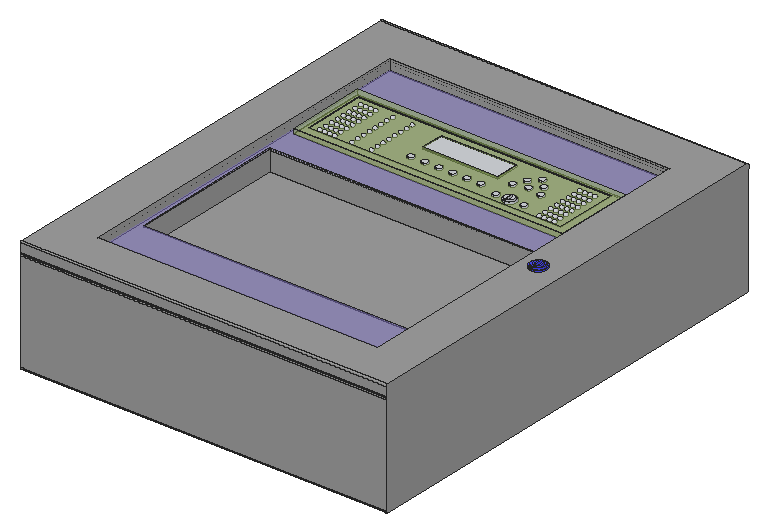
Revit family "Maxlogic ППКП красный корпус", category Fire Alarm Devices, host Face, Revit 2021
Family settings
  Host = Face
  Maintain Annotation Orientation = Yes
  Round Connector Dimension = Use Diameter
  Part Type = Normal
  OmniClass Number = 23.85.30.21
  OmniClass Title = Environmental Detection/Registration
  Cut with Voids When Loaded = No
  Shared = No
  Room Calculation Point = No
Parameters (values of type "Maxlogic Приемно-контрольный прибор, 9 КШ, 1143 Адрес")
  Вес = "~ 34,25 - 35,70 кг (без аккумулятора)"
  Монтажный короб для установки извещателя с поверхностной прокладкой кабеля = ""
  Гарантийный срок = "Года"
  Гарантийный срок запчастей = "2"
  Гарантия срока службы = "2"
  Версия = ""
  URL = "https://www.mavili.com.tr/"
  Монтажный комплект для установки извещателя в подвесной потолок = ""
  Номер позы общественных работ = "833-311"
  Класс защиты = "IP30"
  Код продукта = "ML-1259"
  Номер телефона = "(+)90 216 466 45 05"
  Рабочее напряжение (по умолчанию) = ""
  Диапазон рабочего напряжения = ""
  Рабочая Температура = "(-10°C) - (+55°C)"
  Номинальная глубина = "205 мм"
  Номинальная ширина = "650 мм"
  Номинальная высота = "800 мм"
  Монтажная поверхность = "Настенная"
  Монтажная высота = ""
  Model = "Maxlogic"
  Manufacturer = "Mavili Elektronik Ticaret A.Ş."
  Инструкция по установке = "https://mavilielektronik.com/Revit/ML125XX_enkk.pdf"
  Выход индикации = ""
  Номер факса = "(+)90 216 466 45 10"
  Резервное питание = "220 В Перем. ток"
  Почта = "mavili@mavili.com.tr"
  Отказ = ""
  Настройка адреса устройства = ""
  Description = "Приемно-контрольный прибор, 9 КШ, 1143 Адрес"
  Default Elevation = 0 mm
  Потребление тока = ""
  Валюта = ""
  Cost = 0
  Совместимые базы для монтажа = ""
  Цвет = "Красный"
  Производительность кода = "EN 54\u001f-2 / EN 54-\u001f4"
  Главный Материал = "Красный металлический"
  Вторичный материал = "Органическое стекло / плексиглас"
  Аккумулятор = "4 X (12В Пост. ток 7 Aм/ч. )"
  Адрес №1 = "Şerifali Mahallesi Kutup Sokak No:27/1-2-4 Ümraniye TR-34775 İSTANBUL"
Types (18, lengths in mm): name | Номер позы общественных работ | Код продукта | Model | Резервное питание | Description
  (no name) | "833-311" | "ML-1259" | "Maxlogic" | "220 В Перем. ток" | "Приемно-контрольный прибор, 9 КШ, 1143 Адрес"
  Maxlogic Приемно-контрольный прибор, 0 КШ, Сеть (дублирующий прибор) | "" | "ML-1250.N" | "Maxlogic" | "220 В Перем. ток" | "Приемно-контрольный прибор, 0 КШ, Сеть (дублирующий прибор)"
  Maxlogic Приемно-контрольный прибор, 1 КШ, 127 Адрес | "" | "ML-1251" | "Maxlogic" | "220 Перем. ток" | "Приемно-контрольный прибор, 1 КШ, 127 Адрес"
  Maxlogic Приемно-контрольный прибор, 2 КШ, 254 Адрес | "" | "ML-1252" | "MaxLogic" | "220 В Перем. ток" | "Приемно-контрольный прибор, 2 КШ, 254 Адрес"
  Maxlogic Приемно-контрольный прибор, 3 КШ, 381 Адрес | "" | "ML-1253" | "Maxlogic" | "220 В Перем. ток" | "Приемно-контрольный прибор, 3 КШ, 381 Адрес"
  Maxlogic Приемно-контрольный прибор, 4 КШ, 508 Адрес | "" | "ML-1254" | "Maxlogic" | "220 В Перем. ток" | "Приемно-контрольный прибор, 4 КШ, 508 Адрес"
  Maxlogic Приемно-контрольный прибор, 5 КШ, 635 Адрес | "" | "ML-1255" | "Maxlogic" | "220 В Перем. ток" | "Приемно-контрольный прибор, 5 КШ, 635 Адрес"
  Maxlogic Приемно-контрольный прибор, 6 КШ, 762 Адрес | "" | "ML-1256" | "Maxlogic" | "220 В Перем. ток" | "Приемно-контрольный прибор, 6 КШ, 762 Адрес"
  Maxlogic Приемно-контрольный прибор, 7 КШ, 889 Адрес | "" | "ML-1257" | "Maxlogic" | "220 В Перем. ток" | "Приемно-контрольный прибор, 7 КШ, 889 Адрес"
  Maxlogic Приемно-контрольный прибор, 8 КШ, 1016 Адрес | "" | "ML-1258" | "Maxlogic" | "220В Перем. ток" | "Приемно-контрольный прибор, 8 КШ, 1016 Адрес"
  Maxlogic Приемно-контрольный прибор, 9 КШ, 1143 Адрес | "833-311" | "ML-1259" | "Maxlogic" | "220 В Перем. ток" | "Приемно-контрольный прибор, 9 КШ, 1143 Адрес"
  Maxlogic Приемно-контрольный прибор, 10 КШ, 1270 Адрес | "833-312" | "ML-12510" | "Maxlogic" | "220 В Перем. ток" | "Приемно-контрольный прибор, 10 КШ, 1270 Адрес"
  Maxlogic Приемно-контрольный прибор, 11 КШ, 1397 Адрес | "833-313" | "ML-12511" | "Maxlogic" | "220 В Перем. ток" | "Приемно-контрольный прибор, 11 КШ, 1397 Адрес"
  Maxlogic Приемно-контрольный прибор, 12 КШ, 1524 Адрес | "833-314" | "ML-12512" | "Maxlogic" | "220 В Перем. ток" | "Приемно-контрольный прибор, 12 КШ, 1524 Адрес"
  Maxlogic Приемно-контрольный прибор, 13 КШ, 1651 Адрес | "833-315" | "ML-12513" | "Maxlogic" | "220 В Перем. ток" | "Приемно-контрольный прибор, 13 КШ, 1651 Адрес"
  Maxlogic Приемно-контрольный прибор, 14 КШ, 1778 Адрес | "833-316" | "ML-12514" | "Maxlogic" | "220 В Перем. ток" | "Приемно-контрольный прибор, 14 КШ, 1778 Адрес"
  Maxlogic Приемно-контрольный прибор, 15 КШ, 1905 Адрес | "833-317" | "ML-12515" | "Maxlogic" | "220 В Перем. ток" | "Приемно-контрольный прибор, 15 КШ, 1905 Адрес"
  Maxlogic Приемно-контрольный прибор, 16 КШ, 2032 Адрес | "833-318" | "ML-12516" | "Maxlogic" | "220 В Перем. ток" | "Приемно-контрольный прибор, 16 КШ, 2032 Адрес"
Reference planes
  plane 1 "Center (Front/Back)": y = 0
  plane 2: z = 0
  plane 3 "Center (Left/Right)": x = 0
Forms (mm)
  Extrusion 1, solid, material "MAVİLİ KIRMIZI"
    sketch origin (0, 0, 0) x (0, 1, 0) y (0, 0, 1)
      loop
        arc (400, 0) -> (401.202, 0.498) -> (401.7, 1.7) r 1.7
        line (401.7, 1.7) -> (401.7, 20) -> (401.7, 22) -> (401.7, 169.2) -> (401.7, 171.2) -> (401.7, 181.2)
        arc (401.7, 181.2) -> (401.319, 182.119) -> (400.4, 182.5) r 1.3
        line (400.4, 182.5) -> (375.5, 182.5) -> (375.5, 183.35) -> (400.4, 183.35)
        arc (400.4, 183.35) -> (402.238, 184.112) -> (403, 185.95) r 2.6
        line (403, 185.95) -> (403, 202.45)
        arc (403, 202.45) -> (402.268, 204.218) -> (400.5, 204.95) r 2.5
        line (400.5, 204.95) -> (-400.5, 204.95)
        arc (-400.5, 204.95) -> (-402.268, 204.218) -> (-403, 202.45) r 2.5
        line (-403, 202.45) -> (-403, 185.95)
        arc (-403, 185.95) -> (-402.238, 184.112) -> (-400.4, 183.35) r 2.6
        line (-400.4, 183.35) -> (-388, 183.35) -> (-375.4, 183.35) -> (-375.4, 182.507) -> (-400.401, 182.507)
        arc (-400.401, 182.507) -> (-401.319, 182.127) -> (-401.7, 181.208) r 1.299
        line (-401.7, 181.208) -> (-401.7, 1.7)
        arc (-401.7, 1.7) -> (-401.202, 0.498) -> (-400, 0) r 1.7
        line (-400, 0) -> (400, 0)
    from 0 to 653.309
  Extrusion 2, solid, material "MAVİLİ KOYU GRİ"
    sketch origin (0, 400.5, 204.95) x (0, -1, 0) y (1, 0, 0)
      loop
        circle (408.79, 607.566) r 14.964
    from 0 to 1.467
  Extrusion 3, solid, material "MAVİLİ KOYU GRİ"
    sketch origin (0, 400.5, 204.95) x (0, -1, 0) y (1, 0, 0)
      loop
        circle (408.79, 607.566) r 11.5
    from 0 to 3.526
  Extrusion 4, solid, material "MAVİLİ KOYU GRİ"
    sketch origin (0, 400.5, 204.95) x (0, -1, 0) y (1, 0, 0)
      loop
        circle (408.79, 607.566) r 7.5
    from 0 to 4.805
  Extrusion 5, solid, material "MAVİLİ KOYU GRİ"
    sketch origin (0, 400.5, 204.95) x (0, -1, 0) y (1, 0, 0)
      loop
        line (414.975, 609.11) -> (402.606, 609.11) -> (402.606, 606.022) -> (414.975, 606.022) -> (414.975, 609.11)
    from 0 to 7.467
  Extrusion 6, void
    sketch origin (0, 0, 0) x (1, 0, 0) y (0, 1, 0)
      loop
        line (77.8, 322.429) -> (77.8, -327.571) -> (577.8, -327.571) -> (577.8, 322.429) -> (77.8, 322.429)
    from 185.95 to 212.35
  Extrusion 7, solid, material "MAVİLİ BEYAZ"
    sketch origin (0, 0, 185.95) x (1, 0, 0) y (0, 1, 0)
      loop
        line (87.8, 238.929) -> (87.8, 95.929) -> (567.8, 95.929) -> (567.8, 238.929) -> (87.8, 238.929)
    from 0 to 11.04
  Extrusion 8, void
    sketch origin (0, 0, 196.99) x (0, 1, 0) y (1, 0, 0)
      loop
        line (223.929, 102.8) -> (223.929, 552.8) -> (110.929, 552.8) -> (110.929, 102.8) -> (223.929, 102.8)
    from 0 to 2.067
  Revolve 9, solid
    sketch origin (0, 0, 194.923) x (0, 1, 0) y (-1, 0, 0)
      loop
        line (211.929, -117.7) -> (205.929, -117.7)
        arc (205.929, -117.7) -> (208.929, -120.7) -> (211.929, -117.7) r 3
      axis (211.929, -117.7) -> (205.929, -117.7)
    angle from 0 to -180
  Revolve 10, solid
    sketch origin (9, 0, 194.923) x (0, 1, 0) y (-1, 0, 0)
      loop
        line (211.929, -117.7) -> (205.929, -117.7)
        arc (205.929, -117.7) -> (208.929, -120.7) -> (211.929, -117.7) r 3
      axis (211.929, -117.7) -> (205.929, -117.7)
    angle from 0 to -180
  Revolve 11, solid
    sketch origin (18, 0, 194.923) x (0, 1, 0) y (-1, 0, 0)
      loop
        line (211.929, -117.7) -> (205.929, -117.7)
        arc (205.929, -117.7) -> (208.929, -120.7) -> (211.929, -117.7) r 3
      axis (211.929, -117.7) -> (205.929, -117.7)
    angle from 0 to -180
  Revolve 12, solid
    sketch origin (27, 0, 194.923) x (0, 1, 0) y (-1, 0, 0)
      loop
        line (211.929, -117.7) -> (205.929, -117.7)
        arc (205.929, -117.7) -> (208.929, -120.7) -> (211.929, -117.7) r 3
      axis (211.929, -117.7) -> (205.929, -117.7)
    angle from 0 to -180
  Revolve 13, solid
    sketch origin (0, -13, 194.923) x (0, 1, 0) y (-1, 0, 0)
      loop
        line (211.929, -117.7) -> (205.929, -117.7)
        arc (205.929, -117.7) -> (208.929, -120.7) -> (211.929, -117.7) r 3
      axis (211.929, -117.7) -> (205.929, -117.7)
    angle from 0 to -180
  Revolve 14, solid
    sketch origin (9, -13, 194.923) x (0, 1, 0) y (-1, 0, 0)
      loop
        line (211.929, -117.7) -> (205.929, -117.7)
        arc (205.929, -117.7) -> (208.929, -120.7) -> (211.929, -117.7) r 3
      axis (211.929, -117.7) -> (205.929, -117.7)
    angle from 0 to -180
  Revolve 15, solid
    sketch origin (18, -13, 194.923) x (0, 1, 0) y (-1, 0, 0)
      loop
        line (211.929, -117.7) -> (205.929, -117.7)
        arc (205.929, -117.7) -> (208.929, -120.7) -> (211.929, -117.7) r 3
      axis (211.929, -117.7) -> (205.929, -117.7)
    angle from 0 to -180
  Revolve 16, solid
    sketch origin (27, -13, 194.923) x (0, 1, 0) y (-1, 0, 0)
      loop
        line (211.929, -117.7) -> (205.929, -117.7)
        arc (205.929, -117.7) -> (208.929, -120.7) -> (211.929, -117.7) r 3
      axis (211.929, -117.7) -> (205.929, -117.7)
    angle from 0 to -180
  Revolve 17, solid
    sketch origin (0, -26, 194.923) x (0, 1, 0) y (-1, 0, 0)
      loop
        line (211.929, -117.7) -> (205.929, -117.7)
        arc (205.929, -117.7) -> (208.929, -120.7) -> (211.929, -117.7) r 3
      axis (211.929, -117.7) -> (205.929, -117.7)
    angle from 0 to -180
  Revolve 18, solid
    sketch origin (9, -26, 194.923) x (0, 1, 0) y (-1, 0, 0)
      loop
        line (211.929, -117.7) -> (205.929, -117.7)
        arc (205.929, -117.7) -> (208.929, -120.7) -> (211.929, -117.7) r 3
      axis (211.929, -117.7) -> (205.929, -117.7)
    angle from 0 to -180
  Revolve 19, solid
    sketch origin (18, -26, 194.923) x (0, 1, 0) y (-1, 0, 0)
      loop
        line (211.929, -117.7) -> (205.929, -117.7)
        arc (205.929, -117.7) -> (208.929, -120.7) -> (211.929, -117.7) r 3
      axis (211.929, -117.7) -> (205.929, -117.7)
    angle from 0 to -180
  Revolve 20, solid
    sketch origin (27, -26, 194.923) x (0, 1, 0) y (-1, 0, 0)
      loop
        line (211.929, -117.7) -> (205.929, -117.7)
        arc (205.929, -117.7) -> (208.929, -120.7) -> (211.929, -117.7) r 3
      axis (211.929, -117.7) -> (205.929, -117.7)
    angle from 0 to -180
  Revolve 21, solid
    sketch origin (0, -39, 194.923) x (0, 1, 0) y (-1, 0, 0)
      loop
        line (211.929, -117.7) -> (205.929, -117.7)
        arc (205.929, -117.7) -> (208.929, -120.7) -> (211.929, -117.7) r 3
      axis (211.929, -117.7) -> (205.929, -117.7)
    angle from 0 to -180
  Revolve 22, solid
    sketch origin (9, -39, 194.923) x (0, 1, 0) y (-1, 0, 0)
      loop
        line (211.929, -117.7) -> (205.929, -117.7)
        arc (205.929, -117.7) -> (208.929, -120.7) -> (211.929, -117.7) r 3
      axis (211.929, -117.7) -> (205.929, -117.7)
    angle from 0 to -180
  Revolve 23, solid
    sketch origin (18, -39, 194.923) x (0, 1, 0) y (-1, 0, 0)
      loop
        line (211.929, -117.7) -> (205.929, -117.7)
        arc (205.929, -117.7) -> (208.929, -120.7) -> (211.929, -117.7) r 3
      axis (211.929, -117.7) -> (205.929, -117.7)
    angle from 0 to -180
  Revolve 24, solid
    sketch origin (27, -39, 194.923) x (0, 1, 0) y (-1, 0, 0)
      loop
        line (211.929, -117.7) -> (205.929, -117.7)
        arc (205.929, -117.7) -> (208.929, -120.7) -> (211.929, -117.7) r 3
      axis (211.929, -117.7) -> (205.929, -117.7)
    angle from 0 to -180
  Revolve 25, solid
    sketch origin (0, -52, 194.923) x (0, 1, 0) y (-1, 0, 0)
      loop
        line (211.929, -117.7) -> (205.929, -117.7)
        arc (205.929, -117.7) -> (208.929, -120.7) -> (211.929, -117.7) r 3
      axis (211.929, -117.7) -> (205.929, -117.7)
    angle from 0 to -180
  Revolve 26, solid
    sketch origin (9, -52, 194.923) x (0, 1, 0) y (-1, 0, 0)
      loop
        line (211.929, -117.7) -> (205.929, -117.7)
        arc (205.929, -117.7) -> (208.929, -120.7) -> (211.929, -117.7) r 3
      axis (211.929, -117.7) -> (205.929, -117.7)
    angle from 0 to -180
  Revolve 27, solid
    sketch origin (18, -52, 194.923) x (0, 1, 0) y (-1, 0, 0)
      loop
        line (211.929, -117.7) -> (205.929, -117.7)
        arc (205.929, -117.7) -> (208.929, -120.7) -> (211.929, -117.7) r 3
      axis (211.929, -117.7) -> (205.929, -117.7)
    angle from 0 to -180
  Revolve 28, solid
    sketch origin (27, -52, 194.923) x (0, 1, 0) y (-1, 0, 0)
      loop
        line (211.929, -117.7) -> (205.929, -117.7)
        arc (205.929, -117.7) -> (208.929, -120.7) -> (211.929, -117.7) r 3
      axis (211.929, -117.7) -> (205.929, -117.7)
    angle from 0 to -180
  Revolve 29, solid
    sketch origin (0, -65, 194.923) x (0, 1, 0) y (-1, 0, 0)
      loop
        line (211.929, -117.7) -> (205.929, -117.7)
        arc (205.929, -117.7) -> (208.929, -120.7) -> (211.929, -117.7) r 3
      axis (211.929, -117.7) -> (205.929, -117.7)
    angle from 0 to -180
  Revolve 30, solid
    sketch origin (9, -65, 194.923) x (0, 1, 0) y (-1, 0, 0)
      loop
        line (211.929, -117.7) -> (205.929, -117.7)
        arc (205.929, -117.7) -> (208.929, -120.7) -> (211.929, -117.7) r 3
      axis (211.929, -117.7) -> (205.929, -117.7)
    angle from 0 to -180
  Revolve 31, solid
    sketch origin (18, -65, 194.923) x (0, 1, 0) y (-1, 0, 0)
      loop
        line (211.929, -117.7) -> (205.929, -117.7)
        arc (205.929, -117.7) -> (208.929, -120.7) -> (211.929, -117.7) r 3
      axis (211.929, -117.7) -> (205.929, -117.7)
    angle from 0 to -180
  Revolve 32, solid
    sketch origin (27, -65, 194.923) x (0, 1, 0) y (-1, 0, 0)
      loop
        line (211.929, -117.7) -> (205.929, -117.7)
        arc (205.929, -117.7) -> (208.929, -120.7) -> (211.929, -117.7) r 3
      axis (211.929, -117.7) -> (205.929, -117.7)
    angle from 0 to -180
  Revolve 33, solid
    sketch origin (0, -78, 194.923) x (0, 1, 0) y (-1, 0, 0)
      loop
        line (211.929, -117.7) -> (205.929, -117.7)
        arc (205.929, -117.7) -> (208.929, -120.7) -> (211.929, -117.7) r 3
      axis (211.929, -117.7) -> (205.929, -117.7)
    angle from 0 to -180
  Revolve 34, solid
    sketch origin (9, -78, 194.923) x (0, 1, 0) y (-1, 0, 0)
      loop
        line (211.929, -117.7) -> (205.929, -117.7)
        arc (205.929, -117.7) -> (208.929, -120.7) -> (211.929, -117.7) r 3
      axis (211.929, -117.7) -> (205.929, -117.7)
    angle from 0 to -180
  Revolve 35, solid
    sketch origin (18, -78, 194.923) x (0, 1, 0) y (-1, 0, 0)
      loop
        line (211.929, -117.7) -> (205.929, -117.7)
        arc (205.929, -117.7) -> (208.929, -120.7) -> (211.929, -117.7) r 3
      axis (211.929, -117.7) -> (205.929, -117.7)
    angle from 0 to -180
  Revolve 36, solid
    sketch origin (27, -78, 194.923) x (0, 1, 0) y (-1, 0, 0)
      loop
        line (211.929, -117.7) -> (205.929, -117.7)
        arc (205.929, -117.7) -> (208.929, -120.7) -> (211.929, -117.7) r 3
      axis (211.929, -117.7) -> (205.929, -117.7)
    angle from 0 to -180
  Revolve 37, solid
    sketch origin (0, -91, 194.923) x (0, 1, 0) y (-1, 0, 0)
      loop
        line (211.929, -117.7) -> (205.929, -117.7)
        arc (205.929, -117.7) -> (208.929, -120.7) -> (211.929, -117.7) r 3
      axis (211.929, -117.7) -> (205.929, -117.7)
    angle from 0 to -180
  Revolve 38, solid
    sketch origin (9, -91, 194.923) x (0, 1, 0) y (-1, 0, 0)
      loop
        line (211.929, -117.7) -> (205.929, -117.7)
        arc (205.929, -117.7) -> (208.929, -120.7) -> (211.929, -117.7) r 3
      axis (211.929, -117.7) -> (205.929, -117.7)
    angle from 0 to -180
  Revolve 39, solid
    sketch origin (18, -91, 194.923) x (0, 1, 0) y (-1, 0, 0)
      loop
        line (211.929, -117.7) -> (205.929, -117.7)
        arc (205.929, -117.7) -> (208.929, -120.7) -> (211.929, -117.7) r 3
      axis (211.929, -117.7) -> (205.929, -117.7)
    angle from 0 to -180
  Revolve 40, solid
    sketch origin (27, -91, 194.923) x (0, 1, 0) y (-1, 0, 0)
      loop
        line (211.929, -117.7) -> (205.929, -117.7)
        arc (205.929, -117.7) -> (208.929, -120.7) -> (211.929, -117.7) r 3
      axis (211.929, -117.7) -> (205.929, -117.7)
    angle from 0 to -180
  Revolve 41, solid
    sketch origin (57, 0, 194.923) x (0, 1, 0) y (-1, 0, 0)
      loop
        line (211.929, -117.7) -> (205.929, -117.7)
        arc (205.929, -117.7) -> (208.929, -120.7) -> (211.929, -117.7) r 3
      axis (211.929, -117.7) -> (205.929, -117.7)
    angle from 0 to -180
  Revolve 42, solid
    sketch origin (57, -13, 194.923) x (0, 1, 0) y (-1, 0, 0)
      loop
        line (211.929, -117.7) -> (205.929, -117.7)
        arc (205.929, -117.7) -> (208.929, -120.7) -> (211.929, -117.7) r 3
      axis (211.929, -117.7) -> (205.929, -117.7)
    angle from 0 to -180
  Revolve 43, solid
    sketch origin (57, -26, 194.923) x (0, 1, 0) y (-1, 0, 0)
      loop
        line (211.929, -117.7) -> (205.929, -117.7)
        arc (205.929, -117.7) -> (208.929, -120.7) -> (211.929, -117.7) r 3
      axis (211.929, -117.7) -> (205.929, -117.7)
    angle from 0 to -180
  Revolve 44, solid
    sketch origin (57, -39, 194.923) x (0, 1, 0) y (-1, 0, 0)
      loop
        line (211.929, -117.7) -> (205.929, -117.7)
        arc (205.929, -117.7) -> (208.929, -120.7) -> (211.929, -117.7) r 3
      axis (211.929, -117.7) -> (205.929, -117.7)
    angle from 0 to -180
  Revolve 45, solid
    sketch origin (57, -52, 194.923) x (0, 1, 0) y (-1, 0, 0)
      loop
        line (211.929, -117.7) -> (205.929, -117.7)
        arc (205.929, -117.7) -> (208.929, -120.7) -> (211.929, -117.7) r 3
      axis (211.929, -117.7) -> (205.929, -117.7)
    angle from 0 to -180
  Revolve 46, solid
    sketch origin (57, -65, 194.923) x (0, 1, 0) y (-1, 0, 0)
      loop
        line (211.929, -117.7) -> (205.929, -117.7)
        arc (205.929, -117.7) -> (208.929, -120.7) -> (211.929, -117.7) r 3
      axis (211.929, -117.7) -> (205.929, -117.7)
    angle from 0 to -180
  Revolve 47, solid
    sketch origin (57, -78, 194.923) x (0, 1, 0) y (-1, 0, 0)
      loop
        line (211.929, -117.7) -> (205.929, -117.7)
        arc (205.929, -117.7) -> (208.929, -120.7) -> (211.929, -117.7) r 3
      axis (211.929, -117.7) -> (205.929, -117.7)
    angle from 0 to -180
  Revolve 48, solid
    sketch origin (57, -91, 194.923) x (0, 1, 0) y (-1, 0, 0)
      loop
        line (211.929, -117.7) -> (205.929, -117.7)
        arc (205.929, -117.7) -> (208.929, -120.7) -> (211.929, -117.7) r 3
      axis (211.929, -117.7) -> (205.929, -117.7)
    angle from 0 to -180
  Revolve 49, solid
    sketch origin (92, 0, 194.923) x (0, 1, 0) y (-1, 0, 0)
      loop
        line (211.929, -117.7) -> (205.929, -117.7)
        arc (205.929, -117.7) -> (208.929, -120.7) -> (211.929, -117.7) r 3
      axis (211.929, -117.7) -> (205.929, -117.7)
    angle from 0 to -180
  Revolve 50, solid
    sketch origin (92, -13, 194.923) x (0, 1, 0) y (-1, 0, 0)
      loop
        line (211.929, -117.7) -> (205.929, -117.7)
        arc (205.929, -117.7) -> (208.929, -120.7) -> (211.929, -117.7) r 3
      axis (211.929, -117.7) -> (205.929, -117.7)
    angle from 0 to -180
  Revolve 51, solid
    sketch origin (92, -26, 194.923) x (0, 1, 0) y (-1, 0, 0)
      loop
        line (211.929, -117.7) -> (205.929, -117.7)
        arc (205.929, -117.7) -> (208.929, -120.7) -> (211.929, -117.7) r 3
      axis (211.929, -117.7) -> (205.929, -117.7)
    angle from 0 to -180
  Revolve 52, solid
    sketch origin (92, -39, 194.923) x (0, 1, 0) y (-1, 0, 0)
      loop
        line (211.929, -117.7) -> (205.929, -117.7)
        arc (205.929, -117.7) -> (208.929, -120.7) -> (211.929, -117.7) r 3
      axis (211.929, -117.7) -> (205.929, -117.7)
    angle from 0 to -180
  Revolve 53, solid
    sketch origin (92, -52, 194.923) x (0, 1, 0) y (-1, 0, 0)
      loop
        line (211.929, -117.7) -> (205.929, -117.7)
        arc (205.929, -117.7) -> (208.929, -120.7) -> (211.929, -117.7) r 3
      axis (211.929, -117.7) -> (205.929, -117.7)
    angle from 0 to -180
  Revolve 54, solid
    sketch origin (92, -65, 194.923) x (0, 1, 0) y (-1, 0, 0)
      loop
        line (211.929, -117.7) -> (205.929, -117.7)
        arc (205.929, -117.7) -> (208.929, -120.7) -> (211.929, -117.7) r 3
      axis (211.929, -117.7) -> (205.929, -117.7)
    angle from 0 to -180
  Revolve 55, solid
    sketch origin (92, -78, 194.923) x (0, 1, 0) y (-1, 0, 0)
      loop
        line (211.929, -117.7) -> (205.929, -117.7)
        arc (205.929, -117.7) -> (208.929, -120.7) -> (211.929, -117.7) r 3
      axis (211.929, -117.7) -> (205.929, -117.7)
    angle from 0 to -180
  Revolve 56, solid
    sketch origin (92, -91, 194.923) x (0, 1, 0) y (-1, 0, 0)
      loop
        line (211.929, -117.7) -> (205.929, -117.7)
        arc (205.929, -117.7) -> (208.929, -120.7) -> (211.929, -117.7) r 3
      axis (211.929, -117.7) -> (205.929, -117.7)
    angle from 0 to -180
  Extrusion 57, solid
    sketch origin (0, 0, 194.923) x (0, 1, 0) y (-1, 0, 0)
      loop
        circle (137.429, -264.2) r 5.5
    from 0 to 1.44
  Extrusion 58, solid
    sketch origin (25, 0, 194.923) x (0, 1, 0) y (-1, 0, 0)
      loop
        circle (137.429, -264.2) r 5.5
    from 0 to 1.44
  Extrusion 59, solid
    sketch origin (50, 0, 194.923) x (0, 1, 0) y (-1, 0, 0)
      loop
        circle (137.429, -264.2) r 5.5
    from 0 to 1.44
  Extrusion 60, solid
    sketch origin (75, 0, 194.923) x (0, 1, 0) y (-1, 0, 0)
      loop
        circle (137.429, -264.2) r 5.5
    from 0 to 1.44
  Extrusion 61, solid
    sketch origin (100, 0, 194.923) x (0, 1, 0) y (-1, 0, 0)
      loop
        circle (137.429, -264.2) r 5.5
    from 0 to 1.44
  Extrusion 62, solid
    sketch origin (125, 0, 194.923) x (0, 1, 0) y (-1, 0, 0)
      loop
        circle (137.429, -264.2) r 5.5
    from 0 to 1.44
  Extrusion 63, solid
    sketch origin (159.838, -9.99, 194.923) x (0, 1, 0) y (-1, 0, 0)
      loop
        circle (137.429, -264.2) r 5.5
    from 0 to 1.44
  Extrusion 64, solid
    sketch origin (209.838, -9.99, 194.923) x (0, 1, 0) y (-1, 0, 0)
      loop
        circle (137.429, -264.2) r 5.5
    from 0 to 1.44
  Extrusion 65, solid
    sketch origin (209.838, 27.51, 194.923) x (0, 1, 0) y (-1, 0, 0)
      loop
        circle (137.429, -264.2) r 5.5
    from 0 to 1.44
  Extrusion 66, solid
    sketch origin (184.09, 32.515, 194.923) x (0, 1, 0) y (-1, 0, 0)
      loop
        circle (137.429, -264.2) r 5.5
    from 0 to 1.44
  Extrusion 67, solid
    sketch origin (159.636, 27.318, 194.923) x (0, 1, 0) y (-1, 0, 0)
      loop
        circle (137.429, -264.2) r 5.5
    from 0 to 1.44
  Extrusion 68, solid
    sketch origin (169.48, 47.5, 194.923) x (0, 1, 0) y (-1, 0, 0)
      loop
        circle (137.429, -264.2) r 5.5
    from 0 to 1.44
  Extrusion 69, solid
    sketch origin (199.52, 47.5, 194.923) x (0, 1, 0) y (-1, 0, 0)
      loop
        circle (137.429, -264.2) r 5.5
    from 0 to 1.44
  Extrusion 70, solid
    sketch origin (184.52, 62.5, 194.923) x (0, 1, 0) y (-1, 0, 0)
      loop
        circle (137.429, -264.2) r 5.5
    from 0 to 1.44
  Revolve 71, solid
    sketch origin (391, 0, 194.923) x (0, 1, 0) y (-1, 0, 0)
      loop
        line (211.929, -117.7) -> (205.929, -117.7)
        arc (205.929, -117.7) -> (208.929, -120.7) -> (211.929, -117.7) r 3
      axis (211.929, -117.7) -> (205.929, -117.7)
    angle from 0 to -180
  Revolve 72, solid
    sketch origin (400, 0, 194.923) x (0, 1, 0) y (-1, 0, 0)
      loop
        line (211.929, -117.7) -> (205.929, -117.7)
        arc (205.929, -117.7) -> (208.929, -120.7) -> (211.929, -117.7) r 3
      axis (211.929, -117.7) -> (205.929, -117.7)
    angle from 0 to -180
  Revolve 73, solid
    sketch origin (409, 0, 194.923) x (0, 1, 0) y (-1, 0, 0)
      loop
        line (211.929, -117.7) -> (205.929, -117.7)
        arc (205.929, -117.7) -> (208.929, -120.7) -> (211.929, -117.7) r 3
      axis (211.929, -117.7) -> (205.929, -117.7)
    angle from 0 to -180
  Revolve 74, solid
    sketch origin (418, 0, 194.923) x (0, 1, 0) y (-1, 0, 0)
      loop
        line (211.929, -117.7) -> (205.929, -117.7)
        arc (205.929, -117.7) -> (208.929, -120.7) -> (211.929, -117.7) r 3
      axis (211.929, -117.7) -> (205.929, -117.7)
    angle from 0 to -180
  Revolve 75, solid
    sketch origin (391, -13, 194.923) x (0, 1, 0) y (-1, 0, 0)
      loop
        line (211.929, -117.7) -> (205.929, -117.7)
        arc (205.929, -117.7) -> (208.929, -120.7) -> (211.929, -117.7) r 3
      axis (211.929, -117.7) -> (205.929, -117.7)
    angle from 0 to -180
  Revolve 76, solid
    sketch origin (400, -13, 194.923) x (0, 1, 0) y (-1, 0, 0)
      loop
        line (211.929, -117.7) -> (205.929, -117.7)
        arc (205.929, -117.7) -> (208.929, -120.7) -> (211.929, -117.7) r 3
      axis (211.929, -117.7) -> (205.929, -117.7)
    angle from 0 to -180
  Revolve 77, solid
    sketch origin (409, -13, 194.923) x (0, 1, 0) y (-1, 0, 0)
      loop
        line (211.929, -117.7) -> (205.929, -117.7)
        arc (205.929, -117.7) -> (208.929, -120.7) -> (211.929, -117.7) r 3
      axis (211.929, -117.7) -> (205.929, -117.7)
    angle from 0 to -180
  Revolve 78, solid
    sketch origin (418, -13, 194.923) x (0, 1, 0) y (-1, 0, 0)
      loop
        line (211.929, -117.7) -> (205.929, -117.7)
        arc (205.929, -117.7) -> (208.929, -120.7) -> (211.929, -117.7) r 3
      axis (211.929, -117.7) -> (205.929, -117.7)
    angle from 0 to -180
  Revolve 79, solid
    sketch origin (391, -26, 194.923) x (0, 1, 0) y (-1, 0, 0)
      loop
        line (211.929, -117.7) -> (205.929, -117.7)
        arc (205.929, -117.7) -> (208.929, -120.7) -> (211.929, -117.7) r 3
      axis (211.929, -117.7) -> (205.929, -117.7)
    angle from 0 to -180
  Revolve 80, solid
    sketch origin (400, -26, 194.923) x (0, 1, 0) y (-1, 0, 0)
      loop
        line (211.929, -117.7) -> (205.929, -117.7)
        arc (205.929, -117.7) -> (208.929, -120.7) -> (211.929, -117.7) r 3
      axis (211.929, -117.7) -> (205.929, -117.7)
    angle from 0 to -180
  Revolve 81, solid
    sketch origin (409, -26, 194.923) x (0, 1, 0) y (-1, 0, 0)
      loop
        line (211.929, -117.7) -> (205.929, -117.7)
        arc (205.929, -117.7) -> (208.929, -120.7) -> (211.929, -117.7) r 3
      axis (211.929, -117.7) -> (205.929, -117.7)
    angle from 0 to -180
  Revolve 82, solid
    sketch origin (418, -26, 194.923) x (0, 1, 0) y (-1, 0, 0)
      loop
        line (211.929, -117.7) -> (205.929, -117.7)
        arc (205.929, -117.7) -> (208.929, -120.7) -> (211.929, -117.7) r 3
      axis (211.929, -117.7) -> (205.929, -117.7)
    angle from 0 to -180
  Revolve 83, solid
    sketch origin (391, -39, 194.923) x (0, 1, 0) y (-1, 0, 0)
      loop
        line (211.929, -117.7) -> (205.929, -117.7)
        arc (205.929, -117.7) -> (208.929, -120.7) -> (211.929, -117.7) r 3
      axis (211.929, -117.7) -> (205.929, -117.7)
    angle from 0 to -180
  Revolve 84, solid
    sketch origin (400, -39, 194.923) x (0, 1, 0) y (-1, 0, 0)
      loop
        line (211.929, -117.7) -> (205.929, -117.7)
        arc (205.929, -117.7) -> (208.929, -120.7) -> (211.929, -117.7) r 3
      axis (211.929, -117.7) -> (205.929, -117.7)
    angle from 0 to -180
  Revolve 85, solid
    sketch origin (409, -39, 194.923) x (0, 1, 0) y (-1, 0, 0)
      loop
        line (211.929, -117.7) -> (205.929, -117.7)
        arc (205.929, -117.7) -> (208.929, -120.7) -> (211.929, -117.7) r 3
      axis (211.929, -117.7) -> (205.929, -117.7)
    angle from 0 to -180
  Revolve 86, solid
    sketch origin (418, -39, 194.923) x (0, 1, 0) y (-1, 0, 0)
      loop
        line (211.929, -117.7) -> (205.929, -117.7)
        arc (205.929, -117.7) -> (208.929, -120.7) -> (211.929, -117.7) r 3
      axis (211.929, -117.7) -> (205.929, -117.7)
    angle from 0 to -180
  Revolve 87, solid
    sketch origin (391, -52, 194.923) x (0, 1, 0) y (-1, 0, 0)
      loop
        line (211.929, -117.7) -> (205.929, -117.7)
        arc (205.929, -117.7) -> (208.929, -120.7) -> (211.929, -117.7) r 3
      axis (211.929, -117.7) -> (205.929, -117.7)
    angle from 0 to -180
  Revolve 88, solid
    sketch origin (400, -52, 194.923) x (0, 1, 0) y (-1, 0, 0)
      loop
        line (211.929, -117.7) -> (205.929, -117.7)
        arc (205.929, -117.7) -> (208.929, -120.7) -> (211.929, -117.7) r 3
      axis (211.929, -117.7) -> (205.929, -117.7)
    angle from 0 to -180
  Revolve 89, solid
    sketch origin (409, -52, 194.923) x (0, 1, 0) y (-1, 0, 0)
      loop
        line (211.929, -117.7) -> (205.929, -117.7)
        arc (205.929, -117.7) -> (208.929, -120.7) -> (211.929, -117.7) r 3
      axis (211.929, -117.7) -> (205.929, -117.7)
    angle from 0 to -180
  Revolve 90, solid
    sketch origin (418, -52, 194.923) x (0, 1, 0) y (-1, 0, 0)
      loop
        line (211.929, -117.7) -> (205.929, -117.7)
        arc (205.929, -117.7) -> (208.929, -120.7) -> (211.929, -117.7) r 3
      axis (211.929, -117.7) -> (205.929, -117.7)
    angle from 0 to -180
  Revolve 91, solid
    sketch origin (391, -65, 194.923) x (0, 1, 0) y (-1, 0, 0)
      loop
        line (211.929, -117.7) -> (205.929, -117.7)
        arc (205.929, -117.7) -> (208.929, -120.7) -> (211.929, -117.7) r 3
      axis (211.929, -117.7) -> (205.929, -117.7)
    angle from 0 to -180
  Revolve 92, solid
    sketch origin (400, -65, 194.923) x (0, 1, 0) y (-1, 0, 0)
      loop
        line (211.929, -117.7) -> (205.929, -117.7)
        arc (205.929, -117.7) -> (208.929, -120.7) -> (211.929, -117.7) r 3
      axis (211.929, -117.7) -> (205.929, -117.7)
    angle from 0 to -180
  Revolve 93, solid
    sketch origin (409, -65, 194.923) x (0, 1, 0) y (-1, 0, 0)
      loop
        line (211.929, -117.7) -> (205.929, -117.7)
        arc (205.929, -117.7) -> (208.929, -120.7) -> (211.929, -117.7) r 3
      axis (211.929, -117.7) -> (205.929, -117.7)
    angle from 0 to -180
  Revolve 94, solid
    sketch origin (418, -65, 194.923) x (0, 1, 0) y (-1, 0, 0)
      loop
        line (211.929, -117.7) -> (205.929, -117.7)
        arc (205.929, -117.7) -> (208.929, -120.7) -> (211.929, -117.7) r 3
      axis (211.929, -117.7) -> (205.929, -117.7)
    angle from 0 to -180
  Revolve 95, solid
    sketch origin (391, -78, 194.923) x (0, 1, 0) y (-1, 0, 0)
      loop
        line (211.929, -117.7) -> (205.929, -117.7)
        arc (205.929, -117.7) -> (208.929, -120.7) -> (211.929, -117.7) r 3
      axis (211.929, -117.7) -> (205.929, -117.7)
    angle from 0 to -180
  Revolve 96, solid
    sketch origin (400, -78, 194.923) x (0, 1, 0) y (-1, 0, 0)
      loop
        line (211.929, -117.7) -> (205.929, -117.7)
        arc (205.929, -117.7) -> (208.929, -120.7) -> (211.929, -117.7) r 3
      axis (211.929, -117.7) -> (205.929, -117.7)
    angle from 0 to -180
  Revolve 97, solid
    sketch origin (409, -78, 194.923) x (0, 1, 0) y (-1, 0, 0)
      loop
        line (211.929, -117.7) -> (205.929, -117.7)
        arc (205.929, -117.7) -> (208.929, -120.7) -> (211.929, -117.7) r 3
      axis (211.929, -117.7) -> (205.929, -117.7)
    angle from 0 to -180
  Revolve 98, solid
    sketch origin (418, -78, 194.923) x (0, 1, 0) y (-1, 0, 0)
      loop
        line (211.929, -117.7) -> (205.929, -117.7)
        arc (205.929, -117.7) -> (208.929, -120.7) -> (211.929, -117.7) r 3
      axis (211.929, -117.7) -> (205.929, -117.7)
    angle from 0 to -180
  Revolve 99, solid
    sketch origin (391, -91, 194.923) x (0, 1, 0) y (-1, 0, 0)
      loop
        line (211.929, -117.7) -> (205.929, -117.7)
        arc (205.929, -117.7) -> (208.929, -120.7) -> (211.929, -117.7) r 3
      axis (211.929, -117.7) -> (205.929, -117.7)
    angle from 0 to -180
  Revolve 100, solid
    sketch origin (400, -91, 194.923) x (0, 1, 0) y (-1, 0, 0)
      loop
        line (211.929, -117.7) -> (205.929, -117.7)
        arc (205.929, -117.7) -> (208.929, -120.7) -> (211.929, -117.7) r 3
      axis (211.929, -117.7) -> (205.929, -117.7)
    angle from 0 to -180
  Revolve 101, solid
    sketch origin (409, -91, 194.923) x (0, 1, 0) y (-1, 0, 0)
      loop
        line (211.929, -117.7) -> (205.929, -117.7)
        arc (205.929, -117.7) -> (208.929, -120.7) -> (211.929, -117.7) r 3
      axis (211.929, -117.7) -> (205.929, -117.7)
    angle from 0 to -180
  Revolve 102, solid
    sketch origin (418, -91, 194.923) x (0, 1, 0) y (-1, 0, 0)
      loop
        line (211.929, -117.7) -> (205.929, -117.7)
        arc (205.929, -117.7) -> (208.929, -120.7) -> (211.929, -117.7) r 3
      axis (211.929, -117.7) -> (205.929, -117.7)
    angle from 0 to -180
  Extrusion 103, solid
    sketch origin (0, 0, 194.923) x (0, 1, 0) y (-1, 0, 0)
      loop
        circle (127.429, -448.7) r 11
    from 0 to 3
  Extrusion 104, solid
    sketch origin (0, 0, 194.923) x (0, 1, 0) y (-1, 0, 0)
      loop
        circle (127.429, -448.7) r 8.113
    from 0 to 5
  Extrusion 105, solid
    sketch origin (0, 0, 194.923) x (0, 1, 0) y (-1, 0, 0)
      loop
        line (131.17, -447.45) -> (121.17, -447.45) -> (121.17, -449.95) -> (131.17, -449.95) -> (131.17, -447.45)
    from 0 to 7
  Extrusion 106, void
    sketch origin (0, 0, 194.923) x (-1, 0, 0) y (0, 1, 0)
      loop
        line (-259.7, 210.929) -> (-393.7, 210.929) -> (-393.7, 169.929) -> (-259.7, 169.929) -> (-259.7, 210.929)
    from 0 to 4.399
  Extrusion 107, solid, material "MAVİLİ SİYAH"
    sketch origin (0, 0, 185.95) x (1, 0, 0) y (0, 1, 0)
      loop
        line (77.8, 322.429) -> (77.8, -327.571) -> (577.8, -327.571) -> (577.8, 322.429) -> (77.8, 322.429)
      loop
        line (87.8, 238.929) -> (87.8, 95.929) -> (567.8, 95.929) -> (567.8, 238.929) -> (87.8, 238.929)
      loop
        line (87.8, 44.429) -> (87.8, -237.571) -> (567.8, -237.571) -> (567.8, 44.429) -> (87.8, 44.429)
    from 0 to 2
  Extrusion 108, void
    sketch origin (0, 0, 185.95) x (0, 1, 0) y (1, 0, 0)
      loop
        line (44.429, 87.8) -> (44.429, 567.8) -> (-237.571, 567.8) -> (-237.571, 87.8) -> (44.429, 87.8)
    from -8.973 to 35.649
  Extrusion 109, solid
    sketch origin (0, 0, 192.662) x (-1, 0, 0) y (0, -1, 0)
      loop
        line (-393.7, -210.929) -> (-259.7, -210.929) -> (-259.7, -169.929) -> (-393.7, -169.929) -> (-393.7, -210.929)
    from 0 to 1.011
  Extrusion 110, solid, material "Glass"
    sketch origin (0, 0, 187.95) x (1, 0, 0) y (0, 1, 0)
      loop
        line (77.8, 322.429) -> (77.8, -327.571) -> (577.8, -327.571) -> (577.8, 322.429) -> (77.8, 322.429)
    from 9.04 to 14.339
  Extrusion 111, solid
    sketch origin (0, 0, 0) x (1, 0, 0) y (0, 0, 1)
      loop
        line (575.828, 96.743) -> (574.511, 96.743)
        arc (574.511, 96.743) -> (574.427, 95.036) -> (574.511, 93.33) r 17.356
        line (574.511, 93.33) -> (575.838, 93.33)
        arc (575.838, 93.33) -> (586.7, 84.067) -> (597.562, 93.33) r 11
        line (597.562, 93.33) -> (598.889, 93.33)
        arc (598.889, 93.33) -> (598.973, 95.036) -> (598.889, 96.743) r 17.356
        line (598.889, 96.743) -> (597.572, 96.743)
        arc (597.572, 96.743) -> (586.7, 106.067) -> (575.828, 96.743) r 11
    from -403.653 to -401.7
  Extrusion 112, solid
    sketch origin (-40, 0, 0) x (1, 0, 0) y (0, 0, 1)
      loop
        line (575.828, 96.743) -> (574.511, 96.743)
        arc (574.511, 96.743) -> (574.427, 95.036) -> (574.511, 93.33) r 17.356
        line (574.511, 93.33) -> (575.838, 93.33)
        arc (575.838, 93.33) -> (586.7, 84.067) -> (597.562, 93.33) r 11
        line (597.562, 93.33) -> (598.889, 93.33)
        arc (598.889, 93.33) -> (598.973, 95.036) -> (598.889, 96.743) r 17.356
        line (598.889, 96.743) -> (597.572, 96.743)
        arc (597.572, 96.743) -> (586.7, 106.067) -> (575.828, 96.743) r 11
    from -403.653 to -401.7
  Extrusion 113, solid
    sketch origin (-80, 0, 0) x (1, 0, 0) y (0, 0, 1)
      loop
        line (575.828, 96.743) -> (574.511, 96.743)
        arc (574.511, 96.743) -> (574.427, 95.036) -> (574.511, 93.33) r 17.356
        line (574.511, 93.33) -> (575.838, 93.33)
        arc (575.838, 93.33) -> (586.7, 84.067) -> (597.562, 93.33) r 11
        line (597.562, 93.33) -> (598.889, 93.33)
        arc (598.889, 93.33) -> (598.973, 95.036) -> (598.889, 96.743) r 17.356
        line (598.889, 96.743) -> (597.572, 96.743)
        arc (597.572, 96.743) -> (586.7, 106.067) -> (575.828, 96.743) r 11
    from -403.653 to -401.7
  Extrusion 114, solid
    sketch origin (-120, 0, 0) x (1, 0, 0) y (0, 0, 1)
      loop
        line (575.828, 96.743) -> (574.511, 96.743)
        arc (574.511, 96.743) -> (574.427, 95.036) -> (574.511, 93.33) r 17.356
        line (574.511, 93.33) -> (575.838, 93.33)
        arc (575.838, 93.33) -> (586.7, 84.067) -> (597.562, 93.33) r 11
        line (597.562, 93.33) -> (598.889, 93.33)
        arc (598.889, 93.33) -> (598.973, 95.036) -> (598.889, 96.743) r 17.356
        line (598.889, 96.743) -> (597.572, 96.743)
        arc (597.572, 96.743) -> (586.7, 106.067) -> (575.828, 96.743) r 11
    from -403.653 to -401.7
  Extrusion 115, solid
    sketch origin (-160, 0, 0) x (1, 0, 0) y (0, 0, 1)
      loop
        line (575.828, 96.743) -> (574.511, 96.743)
        arc (574.511, 96.743) -> (574.427, 95.036) -> (574.511, 93.33) r 17.356
        line (574.511, 93.33) -> (575.838, 93.33)
        arc (575.838, 93.33) -> (586.7, 84.067) -> (597.562, 93.33) r 11
        line (597.562, 93.33) -> (598.889, 93.33)
        arc (598.889, 93.33) -> (598.973, 95.036) -> (598.889, 96.743) r 17.356
        line (598.889, 96.743) -> (597.572, 96.743)
        arc (597.572, 96.743) -> (586.7, 106.067) -> (575.828, 96.743) r 11
    from -403.653 to -401.7
  Extrusion 116, solid
    sketch origin (-200, 0, 0) x (1, 0, 0) y (0, 0, 1)
      loop
        line (575.828, 96.743) -> (574.511, 96.743)
        arc (574.511, 96.743) -> (574.427, 95.036) -> (574.511, 93.33) r 17.356
        line (574.511, 93.33) -> (575.838, 93.33)
        arc (575.838, 93.33) -> (586.7, 84.067) -> (597.562, 93.33) r 11
        line (597.562, 93.33) -> (598.889, 93.33)
        arc (598.889, 93.33) -> (598.973, 95.036) -> (598.889, 96.743) r 17.356
        line (598.889, 96.743) -> (597.572, 96.743)
        arc (597.572, 96.743) -> (586.7, 106.067) -> (575.828, 96.743) r 11
    from -403.653 to -401.7
  Extrusion 117, solid
    sketch origin (-240, 0, 0) x (1, 0, 0) y (0, 0, 1)
      loop
        line (575.828, 96.743) -> (574.511, 96.743)
        arc (574.511, 96.743) -> (574.427, 95.036) -> (574.511, 93.33) r 17.356
        line (574.511, 93.33) -> (575.838, 93.33)
        arc (575.838, 93.33) -> (586.7, 84.067) -> (597.562, 93.33) r 11
        line (597.562, 93.33) -> (598.889, 93.33)
        arc (598.889, 93.33) -> (598.973, 95.036) -> (598.889, 96.743) r 17.356
        line (598.889, 96.743) -> (597.572, 96.743)
        arc (597.572, 96.743) -> (586.7, 106.067) -> (575.828, 96.743) r 11
    from -403.653 to -401.7
  Extrusion 118, solid
    sketch origin (-280, 0, 0) x (1, 0, 0) y (0, 0, 1)
      loop
        line (575.828, 96.743) -> (574.511, 96.743)
        arc (574.511, 96.743) -> (574.427, 95.036) -> (574.511, 93.33) r 17.356
        line (574.511, 93.33) -> (575.838, 93.33)
        arc (575.838, 93.33) -> (586.7, 84.067) -> (597.562, 93.33) r 11
        line (597.562, 93.33) -> (598.889, 93.33)
        arc (598.889, 93.33) -> (598.973, 95.036) -> (598.889, 96.743) r 17.356
        line (598.889, 96.743) -> (597.572, 96.743)
        arc (597.572, 96.743) -> (586.7, 106.067) -> (575.828, 96.743) r 11
    from -403.653 to -401.7
  Extrusion 119, solid
    sketch origin (-320, 0, 0) x (1, 0, 0) y (0, 0, 1)
      loop
        line (575.828, 96.743) -> (574.511, 96.743)
        arc (574.511, 96.743) -> (574.427, 95.036) -> (574.511, 93.33) r 17.356
        line (574.511, 93.33) -> (575.838, 93.33)
        arc (575.838, 93.33) -> (586.7, 84.067) -> (597.562, 93.33) r 11
        line (597.562, 93.33) -> (598.889, 93.33)
        arc (598.889, 93.33) -> (598.973, 95.036) -> (598.889, 96.743) r 17.356
        line (598.889, 96.743) -> (597.572, 96.743)
        arc (597.572, 96.743) -> (586.7, 106.067) -> (575.828, 96.743) r 11
    from -403.653 to -401.7
  Extrusion 120, solid
    sketch origin (-360, 0, 0) x (1, 0, 0) y (0, 0, 1)
      loop
        line (575.828, 96.743) -> (574.511, 96.743)
        arc (574.511, 96.743) -> (574.427, 95.036) -> (574.511, 93.33) r 17.356
        line (574.511, 93.33) -> (575.838, 93.33)
        arc (575.838, 93.33) -> (586.7, 84.067) -> (597.562, 93.33) r 11
        line (597.562, 93.33) -> (598.889, 93.33)
        arc (598.889, 93.33) -> (598.973, 95.036) -> (598.889, 96.743) r 17.356
        line (598.889, 96.743) -> (597.572, 96.743)
        arc (597.572, 96.743) -> (586.7, 106.067) -> (575.828, 96.743) r 11
    from -403.653 to -401.7
  Extrusion 121, solid
    sketch origin (-400, 0, 0) x (1, 0, 0) y (0, 0, 1)
      loop
        line (575.828, 96.743) -> (574.511, 96.743)
        arc (574.511, 96.743) -> (574.427, 95.036) -> (574.511, 93.33) r 17.356
        line (574.511, 93.33) -> (575.838, 93.33)
        arc (575.838, 93.33) -> (586.7, 84.067) -> (597.562, 93.33) r 11
        line (597.562, 93.33) -> (598.889, 93.33)
        arc (598.889, 93.33) -> (598.973, 95.036) -> (598.889, 96.743) r 17.356
        line (598.889, 96.743) -> (597.572, 96.743)
        arc (597.572, 96.743) -> (586.7, 106.067) -> (575.828, 96.743) r 11
    from -403.653 to -401.7
  Extrusion 122, solid
    sketch origin (-440, 0, 0) x (1, 0, 0) y (0, 0, 1)
      loop
        line (575.828, 96.743) -> (574.511, 96.743)
        arc (574.511, 96.743) -> (574.427, 95.036) -> (574.511, 93.33) r 17.356
        line (574.511, 93.33) -> (575.838, 93.33)
        arc (575.838, 93.33) -> (586.7, 84.067) -> (597.562, 93.33) r 11
        line (597.562, 93.33) -> (598.889, 93.33)
        arc (598.889, 93.33) -> (598.973, 95.036) -> (598.889, 96.743) r 17.356
        line (598.889, 96.743) -> (597.572, 96.743)
        arc (597.572, 96.743) -> (586.7, 106.067) -> (575.828, 96.743) r 11
    from -403.653 to -401.7
  Extrusion 123, solid
    sketch origin (0, 0, -50) x (1, 0, 0) y (0, 0, 1)
      loop
        line (575.828, 96.743) -> (574.511, 96.743)
        arc (574.511, 96.743) -> (574.427, 95.036) -> (574.511, 93.33) r 17.356
        line (574.511, 93.33) -> (575.838, 93.33)
        arc (575.838, 93.33) -> (586.7, 84.067) -> (597.562, 93.33) r 11
        line (597.562, 93.33) -> (598.889, 93.33)
        arc (598.889, 93.33) -> (598.973, 95.036) -> (598.889, 96.743) r 17.356
        line (598.889, 96.743) -> (597.572, 96.743)
        arc (597.572, 96.743) -> (586.7, 106.067) -> (575.828, 96.743) r 11
    from -403.653 to -401.7
  Extrusion 124, solid
    sketch origin (-40, 0, -50) x (1, 0, 0) y (0, 0, 1)
      loop
        line (575.828, 96.743) -> (574.511, 96.743)
        arc (574.511, 96.743) -> (574.427, 95.036) -> (574.511, 93.33) r 17.356
        line (574.511, 93.33) -> (575.838, 93.33)
        arc (575.838, 93.33) -> (586.7, 84.067) -> (597.562, 93.33) r 11
        line (597.562, 93.33) -> (598.889, 93.33)
        arc (598.889, 93.33) -> (598.973, 95.036) -> (598.889, 96.743) r 17.356
        line (598.889, 96.743) -> (597.572, 96.743)
        arc (597.572, 96.743) -> (586.7, 106.067) -> (575.828, 96.743) r 11
    from -403.653 to -401.7
  Extrusion 125, solid
    sketch origin (-80, 0, -50) x (1, 0, 0) y (0, 0, 1)
      loop
        line (575.828, 96.743) -> (574.511, 96.743)
        arc (574.511, 96.743) -> (574.427, 95.036) -> (574.511, 93.33) r 17.356
        line (574.511, 93.33) -> (575.838, 93.33)
        arc (575.838, 93.33) -> (586.7, 84.067) -> (597.562, 93.33) r 11
        line (597.562, 93.33) -> (598.889, 93.33)
        arc (598.889, 93.33) -> (598.973, 95.036) -> (598.889, 96.743) r 17.356
        line (598.889, 96.743) -> (597.572, 96.743)
        arc (597.572, 96.743) -> (586.7, 106.067) -> (575.828, 96.743) r 11
    from -403.653 to -401.7
  Extrusion 126, solid
    sketch origin (-120, 0, -50) x (1, 0, 0) y (0, 0, 1)
      loop
        line (575.828, 96.743) -> (574.511, 96.743)
        arc (574.511, 96.743) -> (574.427, 95.036) -> (574.511, 93.33) r 17.356
        line (574.511, 93.33) -> (575.838, 93.33)
        arc (575.838, 93.33) -> (586.7, 84.067) -> (597.562, 93.33) r 11
        line (597.562, 93.33) -> (598.889, 93.33)
        arc (598.889, 93.33) -> (598.973, 95.036) -> (598.889, 96.743) r 17.356
        line (598.889, 96.743) -> (597.572, 96.743)
        arc (597.572, 96.743) -> (586.7, 106.067) -> (575.828, 96.743) r 11
    from -403.653 to -401.7
  Extrusion 127, solid
    sketch origin (-160, 0, -50) x (1, 0, 0) y (0, 0, 1)
      loop
        line (575.828, 96.743) -> (574.511, 96.743)
        arc (574.511, 96.743) -> (574.427, 95.036) -> (574.511, 93.33) r 17.356
        line (574.511, 93.33) -> (575.838, 93.33)
        arc (575.838, 93.33) -> (586.7, 84.067) -> (597.562, 93.33) r 11
        line (597.562, 93.33) -> (598.889, 93.33)
        arc (598.889, 93.33) -> (598.973, 95.036) -> (598.889, 96.743) r 17.356
        line (598.889, 96.743) -> (597.572, 96.743)
        arc (597.572, 96.743) -> (586.7, 106.067) -> (575.828, 96.743) r 11
    from -403.653 to -401.7
  Extrusion 128, solid
    sketch origin (-200, 0, -50) x (1, 0, 0) y (0, 0, 1)
      loop
        line (575.828, 96.743) -> (574.511, 96.743)
        arc (574.511, 96.743) -> (574.427, 95.036) -> (574.511, 93.33) r 17.356
        line (574.511, 93.33) -> (575.838, 93.33)
        arc (575.838, 93.33) -> (586.7, 84.067) -> (597.562, 93.33) r 11
        line (597.562, 93.33) -> (598.889, 93.33)
        arc (598.889, 93.33) -> (598.973, 95.036) -> (598.889, 96.743) r 17.356
        line (598.889, 96.743) -> (597.572, 96.743)
        arc (597.572, 96.743) -> (586.7, 106.067) -> (575.828, 96.743) r 11
    from -403.653 to -401.7
  Extrusion 129, solid
    sketch origin (-240, 0, -50) x (1, 0, 0) y (0, 0, 1)
      loop
        line (575.828, 96.743) -> (574.511, 96.743)
        arc (574.511, 96.743) -> (574.427, 95.036) -> (574.511, 93.33) r 17.356
        line (574.511, 93.33) -> (575.838, 93.33)
        arc (575.838, 93.33) -> (586.7, 84.067) -> (597.562, 93.33) r 11
        line (597.562, 93.33) -> (598.889, 93.33)
        arc (598.889, 93.33) -> (598.973, 95.036) -> (598.889, 96.743) r 17.356
        line (598.889, 96.743) -> (597.572, 96.743)
        arc (597.572, 96.743) -> (586.7, 106.067) -> (575.828, 96.743) r 11
    from -403.653 to -401.7
  Extrusion 130, solid
    sketch origin (-280, 0, -50) x (1, 0, 0) y (0, 0, 1)
      loop
        line (575.828, 96.743) -> (574.511, 96.743)
        arc (574.511, 96.743) -> (574.427, 95.036) -> (574.511, 93.33) r 17.356
        line (574.511, 93.33) -> (575.838, 93.33)
        arc (575.838, 93.33) -> (586.7, 84.067) -> (597.562, 93.33) r 11
        line (597.562, 93.33) -> (598.889, 93.33)
        arc (598.889, 93.33) -> (598.973, 95.036) -> (598.889, 96.743) r 17.356
        line (598.889, 96.743) -> (597.572, 96.743)
        arc (597.572, 96.743) -> (586.7, 106.067) -> (575.828, 96.743) r 11
    from -403.653 to -401.7
  Extrusion 131, solid
    sketch origin (-320, 0, -50) x (1, 0, 0) y (0, 0, 1)
      loop
        line (575.828, 96.743) -> (574.511, 96.743)
        arc (574.511, 96.743) -> (574.427, 95.036) -> (574.511, 93.33) r 17.356
        line (574.511, 93.33) -> (575.838, 93.33)
        arc (575.838, 93.33) -> (586.7, 84.067) -> (597.562, 93.33) r 11
        line (597.562, 93.33) -> (598.889, 93.33)
        arc (598.889, 93.33) -> (598.973, 95.036) -> (598.889, 96.743) r 17.356
        line (598.889, 96.743) -> (597.572, 96.743)
        arc (597.572, 96.743) -> (586.7, 106.067) -> (575.828, 96.743) r 11
    from -403.653 to -401.7
  Extrusion 132, solid
    sketch origin (-360, 0, -50) x (1, 0, 0) y (0, 0, 1)
      loop
        line (575.828, 96.743) -> (574.511, 96.743)
        arc (574.511, 96.743) -> (574.427, 95.036) -> (574.511, 93.33) r 17.356
        line (574.511, 93.33) -> (575.838, 93.33)
        arc (575.838, 93.33) -> (586.7, 84.067) -> (597.562, 93.33) r 11
        line (597.562, 93.33) -> (598.889, 93.33)
        arc (598.889, 93.33) -> (598.973, 95.036) -> (598.889, 96.743) r 17.356
        line (598.889, 96.743) -> (597.572, 96.743)
        arc (597.572, 96.743) -> (586.7, 106.067) -> (575.828, 96.743) r 11
    from -403.653 to -401.7
  Extrusion 133, solid
    sketch origin (-400, 0, -50) x (1, 0, 0) y (0, 0, 1)
      loop
        line (575.828, 96.743) -> (574.511, 96.743)
        arc (574.511, 96.743) -> (574.427, 95.036) -> (574.511, 93.33) r 17.356
        line (574.511, 93.33) -> (575.838, 93.33)
        arc (575.838, 93.33) -> (586.7, 84.067) -> (597.562, 93.33) r 11
        line (597.562, 93.33) -> (598.889, 93.33)
        arc (598.889, 93.33) -> (598.973, 95.036) -> (598.889, 96.743) r 17.356
        line (598.889, 96.743) -> (597.572, 96.743)
        arc (597.572, 96.743) -> (586.7, 106.067) -> (575.828, 96.743) r 11
    from -403.653 to -401.7
  Extrusion 134, solid
    sketch origin (-440, 0, -50) x (1, 0, 0) y (0, 0, 1)
      loop
        line (575.828, 96.743) -> (574.511, 96.743)
        arc (574.511, 96.743) -> (574.427, 95.036) -> (574.511, 93.33) r 17.356
        line (574.511, 93.33) -> (575.838, 93.33)
        arc (575.838, 93.33) -> (586.7, 84.067) -> (597.562, 93.33) r 11
        line (597.562, 93.33) -> (598.889, 93.33)
        arc (598.889, 93.33) -> (598.973, 95.036) -> (598.889, 96.743) r 17.356
        line (598.889, 96.743) -> (597.572, 96.743)
        arc (597.572, 96.743) -> (586.7, 106.067) -> (575.828, 96.743) r 11
    from -403.653 to -401.7
  Extrusion 135, solid
    sketch origin (-480, 0, 0) x (1, 0, 0) y (0, 0, 1)
      loop
        line (575.828, 96.743) -> (574.511, 96.743)
        arc (574.511, 96.743) -> (574.427, 95.036) -> (574.511, 93.33) r 17.356
        line (574.511, 93.33) -> (575.838, 93.33)
        arc (575.838, 93.33) -> (586.7, 84.067) -> (597.562, 93.33) r 11
        line (597.562, 93.33) -> (598.889, 93.33)
        arc (598.889, 93.33) -> (598.973, 95.036) -> (598.889, 96.743) r 17.356
        line (598.889, 96.743) -> (597.572, 96.743)
        arc (597.572, 96.743) -> (586.7, 106.067) -> (575.828, 96.743) r 11
    from -403.653 to -401.7
  Extrusion 136, solid
    sketch origin (-480, 0, -50) x (1, 0, 0) y (0, 0, 1)
      loop
        line (575.828, 96.743) -> (574.511, 96.743)
        arc (574.511, 96.743) -> (574.427, 95.036) -> (574.511, 93.33) r 17.356
        line (574.511, 93.33) -> (575.838, 93.33)
        arc (575.838, 93.33) -> (586.7, 84.067) -> (597.562, 93.33) r 11
        line (597.562, 93.33) -> (598.889, 93.33)
        arc (598.889, 93.33) -> (598.973, 95.036) -> (598.889, 96.743) r 17.356
        line (598.889, 96.743) -> (597.572, 96.743)
        arc (597.572, 96.743) -> (586.7, 106.067) -> (575.828, 96.743) r 11
    from -403.653 to -401.7
  Extrusion 137, solid
    sketch origin (-520, 0, 0) x (1, 0, 0) y (0, 0, 1)
      loop
        line (575.828, 96.743) -> (574.511, 96.743)
        arc (574.511, 96.743) -> (574.427, 95.036) -> (574.511, 93.33) r 17.356
        line (574.511, 93.33) -> (575.838, 93.33)
        arc (575.838, 93.33) -> (586.7, 84.067) -> (597.562, 93.33) r 11
        line (597.562, 93.33) -> (598.889, 93.33)
        arc (598.889, 93.33) -> (598.973, 95.036) -> (598.889, 96.743) r 17.356
        line (598.889, 96.743) -> (597.572, 96.743)
        arc (597.572, 96.743) -> (586.7, 106.067) -> (575.828, 96.743) r 11
    from -403.653 to -401.7
  Extrusion 138, solid
    sketch origin (-520, 0, -50) x (1, 0, 0) y (0, 0, 1)
      loop
        line (575.828, 96.743) -> (574.511, 96.743)
        arc (574.511, 96.743) -> (574.427, 95.036) -> (574.511, 93.33) r 17.356
        line (574.511, 93.33) -> (575.838, 93.33)
        arc (575.838, 93.33) -> (586.7, 84.067) -> (597.562, 93.33) r 11
        line (597.562, 93.33) -> (598.889, 93.33)
        arc (598.889, 93.33) -> (598.973, 95.036) -> (598.889, 96.743) r 17.356
        line (598.889, 96.743) -> (597.572, 96.743)
        arc (597.572, 96.743) -> (586.7, 106.067) -> (575.828, 96.743) r 11
    from -403.653 to -401.7
Cuts and joins
  Extrusion 6, Extrusion 8, Extrusion 108 cuts Extrusion 1
  Extrusion 8, Extrusion 106 cuts Extrusion 7
Dimensions and locks
  aligned and locked: plane 2 to host face
  aligned and locked: level to host face
Connectors
  electrical at (326.654, 387.95, 183.35)
    settings: on cut or joined group of Extrusion 1, Extrusion 6, Extrusion 8, Extrusion 108, index 1, voltage 0 V, apparent load 0 VA, apparent load phase1 0 VA, apparent load phase2 0 VA, apparent load phase3 0 VA, power factor 1, load classification "Other", number of poles 1, system type 31, power factor state 1, is connector primary yes, connector utility no, sub classification motor no, connector description ""
